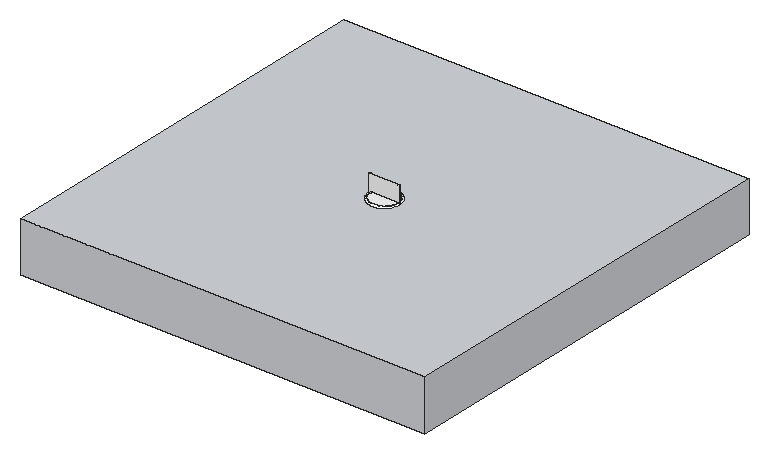
Revit family "URA_Eclairage_de_Securite_Practice_Practice_Evolution", category Luminaires, Revit 2020
Family settings
  Hôte = Face
  Cote de connecteur circulaire = Utiliser le diamètre
  Type d'élément = Normal
  Couper avec des vides une fois chargée = Non
  Source d'éclairage = Oui
  Partagée = Non
  Point de calcul de pièce = Non
Parameters (values of type "PRACTICE DFM (BAES+BAEH) SUPER SATI")
  built-in parameter 1150107 = 3200 (stored number, unit not read)
  TYPE_DE_TENSION = "CA"
  TYPE_DE_MONTAGE = "montage en saillie au plafond"
  TYPE_DE_COMMUTATION = "circuit permanent/circuit de secours"
  TENSION_NOMINALE_(MIN) = "207"
  TENSION_NOMINALE_(MAX) = "253"
  SOURCE_LUMINEUSE = "LED non interchangeable"
  RESERVE_DE_MARCHE = "1"
  REF_BATTERIE_DE_RECHANGE = "2*111906"
  REFERENCE_PICTOGRAMME [instance] = if(NOMBRE_PICTOGRAMME = 1, if(PICTO EVO AVEC ESPACE D’ATTENTE SECURISE ET FLECHE HORIZONTALE, 168157, if(PICTO EVO POUR BAES ET LSC, 168180, if(PICTO EVO AVEC FLECHE VERS LE BAS, 168152, if(PICTO EVO EXTINCTEUR, 168173, if(PICTO EVO AVEC LOCALISATION TOILETTES, 168171, if(PICTO EVO AVEC SORTIE PMR ET FLECHE VERS LE BAS, 168156, 168150)))))), 0)  # 168150
  REFERENCE_ENJOLIVEUR [instance] = if(NOMBRE_ENJOLIVEUR = 1, if(ENJOLIVEUR PRACTICE BLANC PP, 168130, if(ENJOLIVEUR PRACTICE EVOLUTION, 168131, if(ENJOLIVEUR PRACTICE ARGENT, 168132, if(ENJOLIVEUR PRACTICE ARGENT PP, 168133, if(ENJOLIVEUR PRACTICE ACIER PP, 168134, if(ENJOLIVEUR PRACTICE ANTHRA PP, 168136, if(ENJOLIVEUR PRACTICE ANTHRACITE, 168137, 168142))))))), 0)  # 168130
  REFERENCE_ARTICLE = 119148
  Wattage = 9.2903 W
  built-in parameter 1150110 = 1 (stored number, unit not read)
  built-in parameter 1150109 = 1 (stored number, unit not read)
  built-in parameter 1114218 = 1 (stored number, unit not read)
  built-in parameter 1150113 = 1 (stored number, unit not read)
  built-in parameter 1150112 = 1 (stored number, unit not read)
  PUISSANCE_DE_LA_LAMPE = "4.5"
  PROFONDEUR_D'ENCASTREMENT = ""
  PICTO EVO AVEC FLECHE HORIZONTALE [instance] = yes
  PICTO EVO AVEC SORTIE PMR ET FLECHE VERS LE BAS [instance] = no
  PICTO EVO AVEC LOCALISATION TOILETTES [instance] = no
  PICTO EVO EXTINCTEUR [instance] = no
  PICTO EVO AVEC FLECHE VERS LE BAS [instance] = no
  PICTO EVO POUR BAES ET LSC [instance] = no
  PICTO EVO AVEC ESPACE D’ATTENTE SECURISE ET FLECHE HORIZONTALE [instance] = no
  NOMBRE_PICTOGRAMME [instance] = if(PICTO EVO AVEC ESPACE D’ATTENTE SECURISE ET FLECHE HORIZONTALE, 1, 0) + if(PICTO EVO POUR BAES ET LSC, 1, 0) + if(PICTO EVO AVEC FLECHE VERS LE BAS, 1, 0) + if(PICTO EVO EXTINCTEUR, 1, 0) + if(PICTO EVO AVEC LOCALISATION TOILETTES, 1, 0) + if(PICTO EVO AVEC SORTIE PMR ET FLECHE VERS LE BAS, 1, 0) + if(PICTO EVO AVEC FLECHE HORIZONTALE, 1, 0)  # 1
  NOMBRE_ENJOLIVEUR [instance] = if(ENJOLIVEUR PRACTICE BLANC PP, 1, 0) + if(ENJOLIVEUR PRACTICE EVOLUTION, 1, 0) + if(ENJOLIVEUR PRACTICE ARGENT PP, 1, 0) + if(ENJOLIVEUR PRACTICE ARGENT, 1, 0) + if(ENJOLIVEUR PRACTICE ACIER PP, 1, 0) + if(ENJOLIVEUR PRACTICE ANTHRA PP, 1, 0) + if(ENJOLIVEUR PRACTICE ANTHRACITE, 1, 0) + if(ENJOLIVEUR PRACTICE CUIVRE PP, 1, 0)  # 1
  built-in parameter 1150137 = (empty or 0)
  built-in parameter 1150132 = (empty or 0)
  MATERIAU_DU_COUVERCLE = "verre transparent"
  MATERIAU_DU_BOITIER = "plastique"
  LONGUEUR_D'ENCASTREMENT = ""
  LONGUEUR = "240"
  LARGEUR_DE_MONTAGE = ""
  LARGEUR = ""
  built-in parameter 1150105 = 109.82 (stored number, unit not read)
  built-in parameter 1150102 = (empty or 0)
  INSTALLATION_DE_SURVEILLANCE = "auto-test automatique"
  HAUTEUR/PROFONDEUR = "202"
  Dimming Lamp Color Temperature Shift = (empty or 0)
  Lumens = 1380 lm
  Color Filter = 16777215
  Fichier de distribution photométrique = "generic"
  built-in parameter 1114217 = 1 (stored number, unit not read)
  built-in parameter 1150139 = (empty or 0)
  FORMAT_PRODUIT = "rectangle"
  FONCTION = "BAES+BAEH"
  FLUX_LUMINEUX_EN_MODE_D'URGENCE = "45"
  FLUX_LUMINEUX_EFFICACE = ""
  Emit from Line Length = 609.6 mm
  Default Elevation = 1219.2 mm
  built-in parameter 1150104 = 13.8 (stored number, unit not read)
  built-in parameter 1150106 = 1.0982 (stored number, unit not read)
  ETAT_DES_ACCUS = "NiCd"
  ENJOLIVEUR PRACTICE EVOLUTION [instance] = no
  ENJOLIVEUR PRACTICE CUIVRE PP [instance] = no
  ENJOLIVEUR PRACTICE BLANC PP [instance] = yes
  ENJOLIVEUR PRACTICE ARGENT [instance] = no
  ENJOLIVEUR PRACTICE ANTHRACITE [instance] = no
  ENJOLIVEUR PRACTICE ANTHRA PP [instance] = no
  ENJOLIVEUR PRACTICE ARGENT PP [instance] = no
  ENJOLIVEUR PRACTICE ACIER PP [instance] = no
  built-in parameter 1150115 = 1 (stored number, unit not read)
  built-in parameter 1150114 = 1 (stored number, unit not read)
  DUREE_DE_GARANTIE_BAES_COMPLET = "4"
  DISTANCE_DE_RECONNAISSANCE = ""
  DIAMETRE_EXTERNE = "187"
  DIAMETRE_D'ENCASTREMENT = ""
  DESIGNATION_PICTOGRAMME [instance] = if(NOMBRE_PICTOGRAMME = 1, if(PICTO EVO AVEC ESPACE D’ATTENTE SECURISE ET FLECHE HORIZONTALE, "PICTO EVO AVEC ESPACE D’ATTENTE SECURISE ET FLECHE HORIZONTALE", if(PICTO EVO POUR BAES ET LSC, "PICTO EVO POUR BAES ET LSC", if(PICTO EVO AVEC FLECHE VERS LE BAS, "PICTO EVO AVEC FLECHE VERS LE BAS", if(PICTO EVO EXTINCTEUR, "PICTO EVO EXTINCTEUR", if(PICTO EVO AVEC LOCALISATION TOILETTES, "PICTO EVO AVEC LOCALISATION TOILETTES", if(PICTO EVO AVEC SORTIE PMR ET FLECHE VERS LE BAS, "PICTO EVO AVEC SORTIE PMR ET FLECHE VERS LE BAS", "PICTO EVO AVEC FLECHE HORIZONTALE")))))), "0")  # "PICTO EVO AVEC FLECHE HORIZONTALE"
  DESIGNATION_ENJOLIVEUR [instance] = if(NOMBRE_ENJOLIVEUR = 1, if(ENJOLIVEUR PRACTICE BLANC PP, "ENJOLIVEUR PRACTICE BLANC PP", if(ENJOLIVEUR PRACTICE EVOLUTION, "ENJOLIVEUR PRACTICE EVOLUTION", if(ENJOLIVEUR PRACTICE ARGENT PP, "ENJOLIVEUR PRACTICE ARGENT PP", if(ENJOLIVEUR PRACTICE ARGENT, "ENJOLIVEUR PRACTICE ARGENT", if(ENJOLIVEUR PRACTICE ACIER PP, "ENJOLIVEUR PRACTICE ACIER PP", if(ENJOLIVEUR PRACTICE ANTHRA PP, "ENJOLIVEUR PRACTICE ANTHRA PP", if(ENJOLIVEUR PRACTICE ANTHRACITE, "ENJOLIVEUR PRACTICE ANTHRACITE", "ENJOLIVEUR PRACTICE CUIVRE PP"))))))), "0")  # "ENJOLIVEUR PRACTICE BLANC PP"
  DESIGNATION_ARTICLE = "PRACTICE DFM (BAES+BAEH) SUPER SATI"
  built-in parameter 1150138 = (empty or 0)
  built-in parameter 1150134 = 3
  Condition Générale d'Utilisation = "https://export.legrand.com/CGU-objets-BIM"
  COULEUR_DU_BOITIER = "blanc"
  CLASSE_DE_PROTECTION_(IP) = "IP40"
  CLASSE_DE_PROTECTION = "II"
  CATEGORIE_PRODUIT = "Autonome"
  built-in parameter 1150142 = (empty or 0)
  Angle de l'inclinaison = 60.00°
  ALIMENTATION = "central (batterie centrale)"
  ADAPTE_AU_TYPE_DE_MARQUAGE = "autocollant"
  built-in parameter 1150133 = 10 (stored number, unit not read)
Reference planes
  plane 1 "Centre (avant/arrière)": y = 0
  plane 2: z = 0
  plane 3 "Centre (gauche/droite)": x = 0
Forms (mm)
  Extrusion 1, solid
    sketch origin (0, 0, 0) x (1, 0, 0) y (0, 1, 0)
      loop
        line (-1219.2, 1219.2) -> (-1219.2, -1219.2) -> (1219.2, -1219.2) -> (1219.2, 1219.2) -> (-1219.2, 1219.2)
    from 0 to -304.8
  Extrusion 2, solid, material "Blanc"
    sketch origin (0, 0, 0) x (1, 0, 0) y (0, 1, 0)
      loop
        circle (0, 0) r 83.5
    from 5 to -70
Dimensions and locks
  aligned and locked: plane 2 to Extrusion 1
  aligned and locked: level to Extrusion 1
  aligned and locked: plane 3 "Centre (gauche/droite)" to Extrusion 2 sketch curve
  aligned and locked: plane 1 "Centre (avant/arrière)" to Extrusion 2 sketch curve
  aligned and locked: plane 3 "Centre (gauche/droite)" to nested 9
  aligned and locked: plane 1 "Centre (avant/arrière)" to nested 9
Nested families
  nested 1: "URA_ENJOLIVEUR" at (0, 0, 0), type "URA_ENJOLIVEUR"
  nested 2: "URA_PICTOGRAMME" at (0, 0, 0), type "URA_PICTOGRAMME"
  nested 3: "168152_E FB" at (0, 0, 0), visible <- "PICTO EVO AVEC FLECHE VERS LE BAS", type "168152_E FB"
  nested 4: "168156_PMR FB" at (0, 0, 0), visible <- "PICTO EVO AVEC SORTIE PMR ET FLECHE VERS LE BAS", type "168156_PMR FB"
  nested 5: "168157_AS FHo" at (0, 0, 0), visible <- "PICTO EVO AVEC ESPACE D’ATTENTE SECURISE ET FLECHE HORIZONTALE", type "168157_AS FHo"
  nested 6: "168171_Toilettes" at (0, 0, 0), visible <- "PICTO EVO AVEC LOCALISATION TOILETTES", type "168171_Toilettes"
  nested 7: "168173_Extincteur" at (0, 0, 0), visible <- "PICTO EVO EXTINCTEUR", type "168173_Extincteur"
  nested 8: "1681808_Porte Pictogramme" at (0, 0, 0), visible <- "PICTO EVO POUR BAES ET LSC", type "1681808_Porte Pictogramme"
  nested 9: "168150_E FHo" at (0, 0, 0), visible <- "PICTO EVO AVEC FLECHE HORIZONTALE", type "168150_E FHo"
Connectors
  electrical at (0, 0, 5)
    settings: on Extrusion 2, index 1, voltage 0 V, apparent load 0 VA, apparent load phase1 0 VA, apparent load phase2 0 VA, apparent load phase3 0 VA, power factor 1, load classification "Autre", number of poles 1, system type 31, power factor state 1, is connector primary yes, connector utility no, sub classification motor no, connector description ""
Definition of nested family "URA_ENJOLIVEUR"
  Parameters (values of type "URA_ENJOLIVEUR")
    Rayon_Enjoliveur = 93.5 mm
    Default Elevation = 1219.2 mm
  Reference planes
    plane 1 "Centre (avant/arrière)": y = 0
    plane 2: z = 0
    plane 3 "Centre (gauche/droite)": x = 0
    plane 4: x = -83.5
    plane 5: x = -93.5
    plane 6: z = 5
  Forms (mm)
    Extrusion 1, solid
      sketch origin (0, 0, 0) x (1, 0, 0) y (0, 1, 0)
        loop
          line (-1219.2, 1219.2) -> (-1219.2, -1219.2) -> (1219.2, -1219.2) -> (1219.2, 1219.2) -> (-1219.2, 1219.2)
      from 0 to -304.8
    Sweep 2, solid
      path origin (0, 0, 0) x (1, 0, 0) y (0, 1, 0)
        loop
          circle (0, 0) r 83.5
      profile origin (0, 83.5, 0) x (0, -1, 0) y (0, 0, 1)
        loop
          line (0, 0) -> (0, 5)
          arc (0, 5) -> (-5.542, 3.584) -> (-10, 0) r 13.5
          line (-10, 0) -> (0, 0)
  Dimensions and locks
    aligned and locked: plane 2 to Extrusion 1
    aligned and locked: level to Extrusion 1
Definition of nested family "URA_PICTOGRAMME"
  Parameters (values of type "URA_PICTOGRAMME")
    Largeur_Pictogramme = 188 mm
    Hauteur_Pictogramme = 107 mm
    Default Elevation = 1219.2 mm
  Reference planes
    plane 1 "Centre (avant/arrière)": y = 0
    plane 2: z = 0
    plane 3 "Centre (gauche/droite)": x = 0
    plane 4: x = 94
    plane 5: x = -94
    plane 6: z = 10
    plane 7: z = 107
    plane 8: x = 74
    plane 9: x = -74
  Forms (mm)
    Extrusion 1, solid
      sketch origin (0, 0, 0) x (1, 0, 0) y (0, 1, 0)
        loop
          line (-1219.2, 1219.2) -> (-1219.2, -1219.2) -> (1219.2, -1219.2) -> (1219.2, 1219.2) -> (-1219.2, 1219.2)
      from 0 to -304.8
    Extrusion 2, solid
      sketch origin (0, 0, 0) x (1, 0, 0) y (0, 0, 1)
        loop
          line (94, 107) -> (-94, 107) -> (-94, 0) -> (-74, 0) -> (-74, 10) -> (74, 10) -> (74, 0) -> (94, 0) -> (94, 107)
      from -1 to 1
  Dimensions and locks
    aligned and locked: plane 2 to Extrusion 1
    aligned and locked: level to Extrusion 1
Definition of nested family "168152_E FB"
  Reference planes
    plane 1 "Centre (avant/arrière)": y = 0
    plane 2: z = 0
    plane 3 "Centre (gauche/droite)": x = 0
  Lines and regions (mm)
    Filled region 1, type "Vert", in view "Niveau de réf."
      outline origin (0, 0, 0) x (1, 0, 0) y (0, 1, 0)
        loop
          line (103, 52.5) -> (-103, 52.5) -> (-103, -52.5) -> (103, -52.5) -> (103, 52.5)
        loop
          line (-55.764, -17.192) -> (-54.258, -2.924)
          arc (-54.258, -2.924) -> (-53.67, -0.127) -> (-52.526, 2.492) r 14.01
          line (-52.526, 2.492) -> (-46.619, 13.858) -> (-54.969, 13.858) -> (-61.32, 4.268)
          arc (-61.32, 4.268) -> (-63.003, 3.286) -> (-64.91, 3.681) r 2.72
          arc (-64.91, 3.681) -> (-66.064, 5.25) -> (-65.874, 7.188) r 2.72
          line (-65.874, 7.188) -> (-58.609, 18.22)
          arc (-58.609, 18.22) -> (-56.855, 19.498) -> (-54.744, 19.996) r 5.487
          line (-54.744, 19.996) -> (-39.865, 19.996)
          arc (-39.865, 19.996) -> (-34.742, 18.943) -> (-30.449, 15.956) r 12.993
          line (-30.449, 15.956) -> (-23.876, 6.544) -> (-18.037, 6.544) -> (-18.037, 39.828) -> (-69.649, 39.828) -> (-69.649, -17.729) -> (-56.361, -17.729)
          arc (-56.361, -17.729) -> (-55.959, -17.575) -> (-55.764, -17.192) r 0.6
        loop
          line (-33.545, 9.289) -> (-38.719, -1.401)
          arc (-38.719, -1.401) -> (-39.127, -3.31) -> (-38.608, -5.191) r 4.103
          line (-38.608, -5.191) -> (-25.689, -36.865) -> (-25.689, -42.797) -> (-18.037, -42.797) -> (-18.037, 0.323) -> (-24.378, 0.323)
          arc (-24.378, 0.323) -> (-25.524, 0.582) -> (-26.448, 1.308) r 2.667
          line (-26.448, 1.308) -> (-32.608, 9.289)
          arc (-32.608, 9.289) -> (-33.076, 9.519) -> (-33.545, 9.289) r 0.591
        loop
          line (-46.988, -8.295) -> (-49.44, -22.395)
          arc (-49.44, -22.395) -> (-50.455, -23.804) -> (-52.106, -24.343) r 2.799
          line (-52.106, -24.343) -> (-69.649, -24.343) -> (-69.649, -42.797) -> (-32.438, -42.797) -> (-32.438, -36.837) -> (-45.784, -8.295)
          arc (-45.784, -8.295) -> (-45.993, -7.932) -> (-46.386, -7.789) r 0.611
          arc (-46.386, -7.789) -> (-46.78, -7.932) -> (-46.988, -8.295) r 0.611
        loop
          arc (-33.79, 21.259) -> (-29.968, 22.843) -> (-28.385, 26.665) r 5.406
          arc (-28.385, 26.665) -> (-29.968, 30.487) -> (-33.79, 32.071) r 5.406
          arc (-33.79, 32.071) -> (-37.613, 30.487) -> (-39.196, 26.665) r 5.406
          arc (-39.196, 26.665) -> (-37.613, 22.843) -> (-33.79, 21.259) r 5.406
        loop
          line (80.026, -13.514) -> (80.026, 13.514) -> (59.755, -4.113) -> (59.755, 40.542) -> (38.132, 40.542) -> (38.132, -4.113) -> (17.861, 13.514) -> (17.861, -13.514) -> (48.944, -40.542) -> (80.026, -13.514)
    model lines, in view "Niveau de réf."
      curve 1: arc (-33.79, 32.071, 0) -> (-29.968, 30.487, 0) -> (-28.385, 26.665, 0) r 5.406
      curve 2: arc (-28.385, 26.665, 0) -> (-29.968, 22.843, 0) -> (-33.79, 21.259, 0) r 5.406
      curve 3: arc (-33.79, 21.259, 0) -> (-37.613, 22.843, 0) -> (-39.196, 26.665, 0) r 5.406
      curve 4: arc (-39.196, 26.665, 0) -> (-37.613, 30.487, 0) -> (-33.79, 32.071, 0) r 5.406
      curve 5: arc (-52.526, 2.492, 0) -> (-53.67, -0.127, 0) -> (-54.258, -2.924, 0) r 14.01
      curve 6: arc (-64.91, 3.681, 0) -> (-63.003, 3.286, 0) -> (-61.32, 4.268, 0) r 2.72
      curve 7: arc (-65.874, 7.188, 0) -> (-66.064, 5.25, 0) -> (-64.91, 3.681, 0) r 2.72
      curve 8: arc (-54.744, 19.996, 0) -> (-56.855, 19.498, 0) -> (-58.609, 18.22, 0) r 5.487
      curve 9: arc (-30.449, 15.956, 0) -> (-34.742, 18.943, 0) -> (-39.865, 19.996, 0) r 12.993
      curve 10: arc (-26.448, 1.308, 0) -> (-25.524, 0.582, 0) -> (-24.378, 0.323, 0) r 2.667
      curve 11: arc (-32.608, 9.289, 0) -> (-32.816, 9.458, 0) -> (-33.076, 9.519, 0) r 0.591
      curve 12: arc (-33.076, 9.519, 0) -> (-33.337, 9.458, 0) -> (-33.545, 9.289, 0) r 0.591
      curve 13: arc (-38.719, -1.401, 0) -> (-39.127, -3.31, 0) -> (-38.608, -5.191, 0) r 4.103
      curve 14: arc (-45.784, -8.295, 0) -> (-45.993, -7.932, 0) -> (-46.386, -7.789, 0) r 0.611
      curve 15: arc (-46.386, -7.789, 0) -> (-46.78, -7.932, 0) -> (-46.988, -8.295, 0) r 0.611
      curve 16: arc (-52.106, -24.343, 0) -> (-50.455, -23.804, 0) -> (-49.44, -22.395, 0) r 2.799
      curve 17: line (-55.764, -17.192, 0) -> (-54.258, -2.924, 0)
      curve 18: line (-52.526, 2.492, 0) -> (-46.619, 13.858, 0)
      curve 19: line (-46.619, 13.858, 0) -> (-54.969, 13.858, 0)
      curve 20: line (-54.969, 13.858, 0) -> (-61.32, 4.268, 0)
      curve 21: line (-65.874, 7.188, 0) -> (-58.609, 18.22, 0)
      curve 22: line (-54.744, 19.996, 0) -> (-39.865, 19.996, 0)
      curve 23: line (-30.449, 15.956, 0) -> (-23.876, 6.544, 0)
      curve 24: line (-23.876, 6.544, 0) -> (-18.037, 6.544, 0)
      curve 25: line (-18.037, 6.544, 0) -> (-18.037, 39.828, 0)
      curve 26: line (-18.037, 39.828, 0) -> (-69.649, 39.828, 0)
      curve 27: line (-52.106, -24.343, 0) -> (-69.649, -24.343, 0)
      curve 28: line (-69.649, -24.343, 0) -> (-69.649, -42.797, 0)
      curve 29: line (-69.649, -42.797, 0) -> (-32.438, -42.797, 0)
      curve 30: line (-18.037, -42.797, 0) -> (-18.037, 0.323, 0)
      curve 31: line (-18.037, 0.323, 0) -> (-24.378, 0.323, 0)
      curve 32: line (-26.448, 1.308, 0) -> (-32.608, 9.289, 0)
      curve 33: line (-33.545, 9.289, 0) -> (-38.719, -1.401, 0)
      curve 34: line (-38.608, -5.191, 0) -> (-25.689, -36.865, 0)
      curve 35: line (-32.438, -36.837, 0) -> (-45.784, -8.295, 0)
      curve 36: line (-46.988, -8.295, 0) -> (-49.44, -22.395, 0)
      curve 37: line (-69.649, -17.729, 0) -> (-56.361, -17.729, 0)
      curve 38: line (48.944, -40.542, 0) -> (80.026, -13.514, 0)
      curve 39: line (80.026, -13.514, 0) -> (80.026, 13.514, 0)
      curve 40: line (80.026, 13.514, 0) -> (59.755, -4.113, 0)
      curve 41: line (59.755, -4.113, 0) -> (59.755, 40.542, 0)
      curve 42: line (59.755, 40.542, 0) -> (38.132, 40.542, 0)
      curve 43: line (38.132, 40.542, 0) -> (38.132, -4.113, 0)
      curve 44: line (38.132, -4.113, 0) -> (17.861, 13.514, 0)
      curve 45: line (17.861, 13.514, 0) -> (17.861, -13.514, 0)
      curve 46: line (17.861, -13.514, 0) -> (48.944, -40.542, 0)
      curve 47: line (103, -52.5, 0) -> (103, 52.5, 0)
      curve 48: line (103, 52.5, 0) -> (-103, 52.5, 0)
      curve 49: line (-103, 52.5, 0) -> (-103, -52.5, 0)
      curve 50: line (-103, -52.5, 0) -> (103, -52.5, 0)
      curve 51: line (-69.649, -17.729, 0) -> (-69.649, 39.828, 0)
      curve 52: line (-32.438, -36.837, 0) -> (-32.438, -42.797, 0)
      curve 53: line (-25.689, -36.865, 0) -> (-25.689, -42.797, 0)
      curve 54: line (-25.689, -42.797, 0) -> (-18.037, -42.797, 0)
    detail lines, in view "Niveau de réf."
      curve 55: arc (-56.361, -17.729, 0) -> (-55.959, -17.575, 0) -> (-55.764, -17.192, 0) r 0.6
Definition of nested family "168156_PMR FB"
  Reference planes
    plane 1 "Centre (avant/arrière)": y = 0
    plane 2: z = 0
    plane 3 "Centre (gauche/droite)": x = 0
  Lines and regions (mm)
    Filled region 1, type "Vert", in view "Niveau de réf."
      outline origin (0, 0, 0) x (1, 0, 0) y (0, 1, 0)
        loop
          line (103, 52.5) -> (-103, 52.5) -> (-103, -52.5) -> (103, -52.5) -> (103, 52.5)
        loop
          line (-13.037, 44.828) -> (-74.649, 44.828) -> (-74.649, -47.797) -> (-13.037, -47.797) -> (-13.037, 44.828)
        loop
          arc (-55.353, 16.558) -> (-49.007, 28.442) -> (-61.078, 22.46) r 7.073
          line (-61.078, 22.46) -> (-54.879, -4.049) -> (-36.963, -4.049) -> (-25.928, -21.979) -> (-17.14, -17.561) -> (-18.854, -14.11) -> (-23.813, -16.561) -> (-33.622, -0.372) -> (-51.248, -0.372) -> (-51.926, 2.724) -> (-37.694, 2.724) -> (-37.694, 6.561) -> (-53.02, 6.594) -> (-55.353, 16.558)
        loop
          arc (-59.255, 5.4) -> (-61.481, -26.706) -> (-30.449, -18.173) r 19.724
          line (-30.449, -18.173) -> (-33.986, -12.788)
          arc (-33.986, -12.788) -> (-56.2, -24.737) -> (-58.27, 0.402) r 15.075
          line (-58.27, 0.402) -> (-59.255, 5.4)
        loop
          line (59.755, -4.113) -> (59.755, 40.542) -> (38.132, 40.542) -> (38.132, -4.113) -> (17.861, 13.514) -> (17.861, -13.514) -> (48.944, -40.542) -> (80.026, -13.514) -> (80.026, 13.514) -> (59.755, -4.113)
    model lines, in view "Niveau de réf."
      curve 1: line (-74.649, -47.797, 0) -> (-13.037, -47.797, 0)
      curve 2: line (-13.037, -47.797, 0) -> (-13.037, 44.828, 0)
      curve 3: line (-13.037, 44.828, 0) -> (-74.649, 44.828, 0)
      curve 4: line (48.944, -40.542, 0) -> (80.026, -13.514, 0)
      curve 5: line (80.026, -13.514, 0) -> (80.026, 13.514, 0)
      curve 6: line (80.026, 13.514, 0) -> (59.755, -4.113, 0)
      curve 7: line (59.755, -4.113, 0) -> (59.755, 40.542, 0)
      curve 8: line (59.755, 40.542, 0) -> (38.132, 40.542, 0)
      curve 9: line (38.132, 40.542, 0) -> (38.132, -4.113, 0)
      curve 10: line (38.132, -4.113, 0) -> (17.861, 13.514, 0)
      curve 11: line (17.861, 13.514, 0) -> (17.861, -13.514, 0)
      curve 12: line (17.861, -13.514, 0) -> (48.944, -40.542, 0)
      curve 13: arc (-59.255, 5.4, 0) -> (-61.481, -26.706, 0) -> (-30.449, -18.173, 0) r 19.724
      curve 14: arc (-58.27, 0.402, 0) -> (-56.2, -24.737, 0) -> (-33.986, -12.788, 0) r 15.075
      curve 15: arc (-55.353, 16.558, 0) -> (-49.007, 28.442, 0) -> (-61.078, 22.46, 0) r 7.073
      curve 16: line (103, -52.5, 0) -> (103, 52.5, 0)
      curve 17: line (103, 52.5, 0) -> (-103, 52.5, 0)
      curve 18: line (-103, 52.5, 0) -> (-103, -52.5, 0)
      curve 19: line (-103, -52.5, 0) -> (103, -52.5, 0)
      curve 20: line (-74.649, -47.797, 0) -> (-74.649, 44.828, 0)
      curve 21: line (-55.353, 16.558, 0) -> (-53.02, 6.594, 0)
      curve 22: line (-53.02, 6.594, 0) -> (-37.694, 6.561, 0)
      curve 23: line (-37.694, 6.561, 0) -> (-37.694, 2.724, 0)
      curve 24: line (-37.694, 2.724, 0) -> (-51.926, 2.724, 0)
      curve 25: line (-51.926, 2.724, 0) -> (-51.248, -0.372, 0)
      curve 26: line (-51.248, -0.372, 0) -> (-33.622, -0.372, 0)
      curve 27: line (-33.622, -0.372, 0) -> (-23.813, -16.561, 0)
      curve 28: line (-59.255, 5.4, 0) -> (-58.27, 0.402, 0)
      curve 29: line (-61.078, 22.46, 0) -> (-54.879, -4.049, 0)
      curve 30: line (-54.879, -4.049, 0) -> (-36.963, -4.049, 0)
      curve 31: line (-36.963, -4.049, 0) -> (-25.928, -21.979, 0)
      curve 32: line (-25.928, -21.979, 0) -> (-17.14, -17.561, 0)
      curve 33: line (-17.14, -17.561, 0) -> (-18.854, -14.11, 0)
      curve 34: line (-18.854, -14.11, 0) -> (-23.813, -16.561, 0)
      curve 35: line (-33.986, -12.788, 0) -> (-30.449, -18.173, 0)
Definition of nested family "168157_AS FHo"
  Reference planes
    plane 1 "Centre (avant/arrière)": y = 0
    plane 2: z = 0
    plane 3 "Centre (gauche/droite)": x = 0
  Lines and regions (mm)
    Filled region 1, type "Vert", in view "Niveau de réf."
      outline origin (0, 0, 0) x (1, 0, 0) y (0, 1, 0)
        loop
          line (103, 52.5) -> (-103, 52.5) -> (-103, -52.5) -> (103, -52.5) -> (103, 52.5)
        loop
          arc (-97.371, 3.205) -> (-88.51, 12.953) -> (-88.387, 26.125) r 18.489
          arc (-88.387, 26.125) -> (-88.597, 26.496) -> (-88.998, 26.643) r 0.619
          arc (-88.998, 26.643) -> (-89.398, 26.496) -> (-89.609, 26.125) r 0.619
          arc (-89.609, 26.125) -> (-91.525, 17.752) -> (-98.242, 12.399) r 13.008
          line (-98.242, 12.399) -> (-98.242, 3.741)
          arc (-98.242, 3.741) -> (-97.956, 3.229) -> (-97.371, 3.205) r 0.6
        loop
          line (-97.924, -2.309) -> (-92.399, -2.309)
          arc (-92.399, -2.309) -> (-82.903, 3.214) -> (-77.349, 12.691) r 21.613
          arc (-77.349, 12.691) -> (-74.683, 16.925) -> (-70.5, 19.668) r 11.767
          arc (-70.5, 19.668) -> (-70.107, 19.839) -> (-69.945, 20.235) r 0.567
          arc (-69.945, 20.235) -> (-70.107, 20.632) -> (-70.5, 20.802) r 0.567
          line (-70.5, 20.802) -> (-75.473, 20.802)
          arc (-75.473, 20.802) -> (-83.631, 15.783) -> (-88.211, 7.371) r 18.608
          arc (-88.211, 7.371) -> (-92.643, 2.453) -> (-98.185, -1.169) r 25.676
          arc (-98.185, -1.169) -> (-98.509, -1.843) -> (-97.924, -2.309) r 0.6
        loop
          line (-98.245, -14.919) -> (-95.488, -14.919) -> (-91.172, -14.008) -> (-87.112, -12.283) -> (-83.459, -9.809) -> (-80.351, -6.679) -> (-77.903, -3.009) -> (-76.207, 1.063) -> (-75.325, 5.386) -> (-75.292, 9.797)
          arc (-75.292, 9.797) -> (-75.744, 10.24) -> (-76.292, 9.925) r 0.524
          line (-76.292, 9.925) -> (-77.7, 6.602) -> (-79.593, 3.529) -> (-81.927, 0.776) -> (-84.65, -1.594) -> (-87.698, -3.526) -> (-91.003, -4.977) -> (-94.489, -5.913) -> (-98.061, -6.311)
          arc (-98.061, -6.311) -> (-98.615, -6.541) -> (-98.845, -7.095) r 0.784
          line (-98.845, -7.095) -> (-98.845, -14.319)
          arc (-98.845, -14.319) -> (-98.669, -14.744) -> (-98.245, -14.919) r 0.6
        loop
          arc (-96.85, -21.875) -> (-84.114, -20.73) -> (-74.072, -12.812) r 22.436
          arc (-74.072, -12.812) -> (-73.07, -12.149) -> (-71.89, -11.925) r 3.043
          line (-71.89, -11.925) -> (-68.713, -11.925)
          arc (-68.713, -11.925) -> (-68.41, -11.507) -> (-68.713, -11.089) r 0.44
          arc (-68.713, -11.089) -> (-70.207, -10.592) -> (-71.622, -9.901) r 11.83
          arc (-71.622, -9.901) -> (-72.03, -9.74) -> (-72.465, -9.682) r 1.794
          line (-72.465, -9.682) -> (-77.479, -9.682)
          arc (-77.479, -9.682) -> (-83.128, -11.858) -> (-87.832, -15.668) r 19.415
          arc (-87.832, -15.668) -> (-92.078, -18.706) -> (-96.897, -20.71) r 23.059
          arc (-96.897, -20.71) -> (-97.331, -21.311) -> (-96.85, -21.875) r 0.6
        loop
          line (-97.728, -33.456) -> (-93.913, -33.456)
          arc (-93.913, -33.456) -> (-82.65, -28.676) -> (-75.344, -18.862) r 23.383
          arc (-75.344, -18.862) -> (-75.818, -18.792) -> (-76.25, -18.999) r 0.819
          arc (-76.25, -18.999) -> (-81.857, -23.382) -> (-88.489, -25.964) r 24.448
          line (-88.489, -25.964) -> (-95.211, -26.006)
          arc (-95.211, -26.006) -> (-95.898, -25.911) -> (-96.53, -25.624) r 2.411
          arc (-96.53, -25.624) -> (-97.429, -25.36) -> (-98.328, -25.624) r 1.663
          line (-98.328, -25.624) -> (-98.328, -32.856)
          arc (-98.328, -32.856) -> (-98.152, -33.281) -> (-97.728, -33.456) r 0.6
        loop
          line (-57.869, -42.797) -> (-57.869, 39.828) -> (-60.869, 39.828) -> (-60.869, -42.797) -> (-57.869, -42.797)
        loop
          line (-38.466, 0.402) -> (-39.45, 5.4)
          arc (-39.45, 5.4) -> (-41.676, -26.706) -> (-10.644, -18.173) r 19.724
          line (-10.644, -18.173) -> (-14.181, -12.788)
          arc (-14.181, -12.788) -> (-36.395, -24.737) -> (-38.466, 0.402) r 15.075
        loop
          line (-35.075, -4.049) -> (-17.158, -4.049) -> (-6.123, -21.979) -> (2.665, -17.561) -> (0.951, -14.11) -> (-4.008, -16.561) -> (-13.817, -0.372) -> (-31.444, -0.372) -> (-32.121, 2.724) -> (-17.889, 2.724) -> (-17.889, 6.561) -> (-33.215, 6.594) -> (-35.549, 16.558)
          arc (-35.549, 16.558) -> (-29.202, 28.442) -> (-41.273, 22.46) r 7.073
          line (-41.273, 22.46) -> (-35.075, -4.049)
        loop
          line (53.057, 10.811) -> (8.402, 10.811) -> (8.402, -10.811) -> (53.057, -10.811) -> (35.43, -31.082) -> (62.458, -31.082) -> (89.486, 0) -> (62.458, 31.082) -> (35.43, 31.082) -> (53.057, 10.811)
    model lines, in view "Niveau de réf."
      curve 1: line (-75.292, 9.797, 0) -> (-75.35, 9.951, 0)
      curve 2: line (-75.35, 9.951, 0) -> (-75.452, 10.081, 0)
      curve 3: line (-75.452, 10.081, 0) -> (-75.588, 10.173, 0)
      curve 4: line (-75.588, 10.173, 0) -> (-75.746, 10.219, 0)
      curve 5: line (-75.746, 10.219, 0) -> (-75.911, 10.214, 0)
      curve 6: line (-75.911, 10.214, 0) -> (-76.067, 10.16, 0)
      curve 7: line (-76.067, 10.16, 0) -> (-76.198, 10.06, 0)
      curve 8: line (-76.198, 10.06, 0) -> (-76.292, 9.925, 0)
      curve 9: line (-76.292, 9.925, 0) -> (-77.7, 6.602, 0)
      curve 10: line (-77.7, 6.602, 0) -> (-79.593, 3.529, 0)
      curve 11: line (-79.593, 3.529, 0) -> (-81.927, 0.776, 0)
      curve 12: line (-81.927, 0.776, 0) -> (-84.65, -1.594, 0)
      curve 13: line (-84.65, -1.594, 0) -> (-87.698, -3.526, 0)
      curve 14: line (-87.698, -3.526, 0) -> (-91.003, -4.977, 0)
      curve 15: line (-91.003, -4.977, 0) -> (-94.489, -5.913, 0)
      curve 16: line (-94.489, -5.913, 0) -> (-98.076, -6.313, 0)
      curve 17: line (-98.845, -7.095, 0) -> (-98.845, -14.319, 0)
      curve 18: line (-98.245, -14.919, 0) -> (-95.488, -14.919, 0)
      curve 19: line (-95.488, -14.919, 0) -> (-91.172, -14.008, 0)
      curve 20: line (-91.172, -14.008, 0) -> (-87.112, -12.283, 0)
      curve 21: line (-87.112, -12.283, 0) -> (-83.459, -9.809, 0)
      curve 22: line (-83.459, -9.809, 0) -> (-80.351, -6.679, 0)
      curve 23: line (-80.351, -6.679, 0) -> (-77.903, -3.009, 0)
      curve 24: line (-77.903, -3.009, 0) -> (-76.207, 1.063, 0)
      curve 25: line (-76.207, 1.063, 0) -> (-75.325, 5.386, 0)
      curve 26: line (-75.325, 5.386, 0) -> (-75.292, 9.797, 0)
      curve 27: arc (-74.072, -12.812, 0) -> (-73.07, -12.149, 0) -> (-71.89, -11.925, 0) r 3.043
      curve 28: arc (-68.713, -11.925, 0) -> (-68.41, -11.507, 0) -> (-68.713, -11.089, 0) r 0.44
      curve 29: arc (-68.713, -11.089, 0) -> (-70.207, -10.592, 0) -> (-71.622, -9.901, 0) r 11.83
      curve 30: arc (-71.622, -9.901, 0) -> (-72.03, -9.74, 0) -> (-72.465, -9.682, 0) r 1.794
      curve 31: arc (-77.479, -9.682, 0) -> (-83.128, -11.858, 0) -> (-87.832, -15.668, 0) r 19.415
      curve 32: arc (-87.832, -15.668, 0) -> (-92.078, -18.706, 0) -> (-96.897, -20.71, 0) r 23.059
      curve 33: arc (-96.85, -21.875, 0) -> (-84.114, -20.73, 0) -> (-74.072, -12.812, 0) r 22.436
      curve 34: arc (-77.349, 12.691, 0) -> (-74.683, 16.925, 0) -> (-70.5, 19.668, 0) r 11.767
      curve 35: arc (-70.5, 19.668, 0) -> (-70.107, 19.839, 0) -> (-69.945, 20.235, 0) r 0.567
      curve 36: arc (-69.945, 20.235, 0) -> (-70.107, 20.632, 0) -> (-70.5, 20.802, 0) r 0.567
      curve 37: arc (-75.473, 20.802, 0) -> (-83.631, 15.783, 0) -> (-88.211, 7.371, 0) r 18.608
      curve 38: arc (-88.211, 7.371, 0) -> (-92.643, 2.453, 0) -> (-98.185, -1.169, 0) r 25.676
      curve 39: arc (-92.399, -2.309, 0) -> (-82.903, 3.214, 0) -> (-77.349, 12.691, 0) r 21.613
      curve 40: line (89.486, 0, 0) -> (62.458, 31.082, 0)
      curve 41: line (62.458, 31.082, 0) -> (35.43, 31.082, 0)
      curve 42: line (35.43, 31.082, 0) -> (53.057, 10.811, 0)
      curve 43: line (53.057, 10.811, 0) -> (8.402, 10.811, 0)
      curve 44: line (8.402, 10.811, 0) -> (8.402, -10.811, 0)
      curve 45: line (8.402, -10.811, 0) -> (53.057, -10.811, 0)
      curve 46: line (53.057, -10.811, 0) -> (35.43, -31.082, 0)
      curve 47: line (35.43, -31.082, 0) -> (62.458, -31.082, 0)
      curve 48: line (62.458, -31.082, 0) -> (89.486, 0, 0)
      curve 49: arc (-75.344, -18.862, 0) -> (-75.818, -18.792, 0) -> (-76.25, -18.999, 0) r 0.819
      curve 50: arc (-76.25, -18.999, 0) -> (-81.857, -23.382, 0) -> (-88.489, -25.964, 0) r 24.448
      curve 51: arc (-95.211, -26.006, 0) -> (-95.898, -25.911, 0) -> (-96.53, -25.624, 0) r 2.411
      curve 52: arc (-96.53, -25.624, 0) -> (-97.429, -25.36, 0) -> (-98.328, -25.624, 0) r 1.663
      curve 53: arc (-98.328, -33.164, 0) -> (-98.242, -33.371, 0) -> (-98.036, -33.456, 0) r 0.292
      curve 54: arc (-93.913, -33.456, 0) -> (-82.65, -28.676, 0) -> (-75.344, -18.862, 0) r 23.383
      curve 55: arc (-88.387, 26.125, 0) -> (-88.597, 26.496, 0) -> (-88.998, 26.643, 0) r 0.619
      curve 56: arc (-88.998, 26.643, 0) -> (-89.398, 26.496, 0) -> (-89.609, 26.125, 0) r 0.619
      curve 57: arc (-89.609, 26.125, 0) -> (-91.525, 17.752, 0) -> (-98.242, 12.399, 0) r 13.008
      curve 58: arc (-98.242, 3.542, 0) -> (-97.972, 3.108, 0) -> (-97.464, 3.158, 0) r 0.484
      curve 59: arc (-97.464, 3.158, 0) -> (-88.529, 12.904, 0) -> (-88.387, 26.125, 0) r 18.489
      curve 60: line (-71.89, -11.925, 0) -> (-68.713, -11.925, 0)
      curve 61: line (-72.465, -9.682, 0) -> (-77.479, -9.682, 0)
      curve 62: line (-70.5, 20.802, 0) -> (-75.473, 20.802, 0)
      curve 63: line (-97.924, -2.309, 0) -> (-92.399, -2.309, 0)
      curve 64: line (-88.489, -25.964, 0) -> (-95.211, -26.006, 0)
      curve 65: line (-98.328, -25.624, 0) -> (-98.328, -33.164, 0)
      curve 66: line (-98.036, -33.456, 0) -> (-93.913, -33.456, 0)
      curve 67: line (-98.242, 12.399, 0) -> (-98.242, 3.542, 0)
      curve 68: arc (-39.45, 5.4, 0) -> (-41.676, -26.706, 0) -> (-10.644, -18.173, 0) r 19.724
      curve 69: arc (-38.466, 0.402, 0) -> (-36.395, -24.737, 0) -> (-14.181, -12.788, 0) r 15.075
      curve 70: arc (-35.549, 16.558, 0) -> (-29.202, 28.442, 0) -> (-41.273, 22.46, 0) r 7.073
      curve 71: line (103, -52.5, 0) -> (103, 52.5, 0)
      curve 72: line (103, 52.5, 0) -> (-103, 52.5, 0)
      curve 73: line (-103, 52.5, 0) -> (-103, -52.5, 0)
      curve 74: line (-103, -52.5, 0) -> (103, -52.5, 0)
      curve 75: line (-60.869, -42.797, 0) -> (-57.869, -42.797, 0)
      curve 76: line (-57.869, -42.797, 0) -> (-57.869, 39.828, 0)
      curve 77: line (-57.869, 39.828, 0) -> (-60.869, 39.828, 0)
      curve 78: line (-60.869, 39.828, 0) -> (-60.869, -42.797, 0)
      curve 79: line (-35.549, 16.558, 0) -> (-33.215, 6.594, 0)
      curve 80: line (-33.215, 6.594, 0) -> (-17.889, 6.561, 0)
      curve 81: line (-17.889, 6.561, 0) -> (-17.889, 2.724, 0)
      curve 82: line (-17.889, 2.724, 0) -> (-32.121, 2.724, 0)
      curve 83: line (-32.121, 2.724, 0) -> (-31.444, -0.372, 0)
      curve 84: line (-31.444, -0.372, 0) -> (-13.817, -0.372, 0)
      curve 85: line (-13.817, -0.372, 0) -> (-4.008, -16.561, 0)
      curve 86: line (-39.45, 5.4, 0) -> (-38.466, 0.402, 0)
      curve 87: line (-41.273, 22.46, 0) -> (-35.075, -4.049, 0)
      curve 88: line (-35.075, -4.049, 0) -> (-17.158, -4.049, 0)
      curve 89: line (-17.158, -4.049, 0) -> (-6.123, -21.979, 0)
      curve 90: line (-6.123, -21.979, 0) -> (2.665, -17.561, 0)
      curve 91: line (2.665, -17.561, 0) -> (0.951, -14.11, 0)
      curve 92: line (0.951, -14.11, 0) -> (-4.008, -16.561, 0)
      curve 93: line (-14.181, -12.788, 0) -> (-10.644, -18.173, 0)
    detail lines, in view "Niveau de réf."
      curve 94: arc (-98.845, -14.319, 0) -> (-98.669, -14.744, 0) -> (-98.245, -14.919, 0) r 0.6
      curve 95: arc (-98.076, -6.313, 0) -> (-98.62, -6.538, 0) -> (-98.845, -7.082, 0) r 0.769
      curve 96: arc (-98.185, -1.169, 0) -> (-98.509, -1.843, 0) -> (-97.924, -2.309, 0) r 0.6
      curve 97: arc (-96.897, -20.71, 0) -> (-97.331, -21.311, 0) -> (-96.85, -21.875, 0) r 0.6
Definition of nested family "168171_Toilettes"
  Reference planes
    plane 1 "Centre (avant/arrière)": y = 0
    plane 2: z = 0
    plane 3 "Centre (gauche/droite)": x = 0
  Lines and regions (mm)
    Filled region 1, type "Bleu", in view "Niveau de réf."
      outline origin (0, 0, 0) x (1, 0, 0) y (0, 1, 0)
        loop
          arc (-42.4, 53) -> (-49.895, 49.895) -> (-53, 42.4) r 10.6
          line (-53, 42.4) -> (-53, -42.4)
          arc (-53, -42.4) -> (-49.895, -49.895) -> (-42.4, -53) r 10.6
          line (-42.4, -53) -> (42.4, -53)
          arc (42.4, -53) -> (49.895, -49.895) -> (53, -42.4) r 10.6
          line (53, -42.4) -> (53, 42.4)
          arc (53, 42.4) -> (49.895, 49.895) -> (42.4, 53) r 10.6
          line (42.4, 53) -> (-42.4, 53)
        loop
          circle (-21.465, 37.02) r 7.95
        loop
          line (-36.04, -8.03) -> (-34.715, -8.03)
          arc (-34.715, -8.03) -> (-32.841, -7.254) -> (-32.065, -5.38) r 2.65
          line (-32.065, -5.38) -> (-32.065, 12.507)
          arc (-32.065, 12.507) -> (-31.402, 13.17) -> (-30.74, 12.507) r 0.662
          line (-30.74, 12.507) -> (-30.74, -41.155)
          arc (-30.74, -41.155) -> (-29.681, -43.855) -> (-27.07, -45.116) r 3.973
          line (-27.07, -45.116) -> (-25.798, -45.116)
          arc (-25.798, -45.116) -> (-23.186, -43.855) -> (-22.127, -41.155) r 3.973
          line (-22.127, -41.155) -> (-22.127, -11.343)
          arc (-22.127, -11.343) -> (-21.465, -10.68) -> (-20.803, -11.343) r 0.662
          line (-20.803, -11.343) -> (-20.803, -41.155)
          arc (-20.803, -41.155) -> (-19.744, -43.855) -> (-17.132, -45.116) r 3.973
          line (-17.132, -45.116) -> (-15.86, -45.116)
          arc (-15.86, -45.116) -> (-13.249, -43.855) -> (-12.19, -41.155) r 3.973
          line (-12.19, -41.155) -> (-12.19, 12.507)
          arc (-12.19, 12.507) -> (-11.528, 13.17) -> (-10.865, 12.507) r 0.662
          line (-10.865, 12.507) -> (-10.865, -5.38)
          arc (-10.865, -5.38) -> (-10.089, -7.254) -> (-8.215, -8.03) r 2.65
          line (-8.215, -8.03) -> (-6.89, -8.03)
          arc (-6.89, -8.03) -> (-5.016, -7.254) -> (-4.24, -5.38) r 2.65
          line (-4.24, -5.38) -> (-4.24, 19.795)
          arc (-4.24, 19.795) -> (-6.18, 24.479) -> (-10.865, 26.42) r 6.625
          line (-10.865, 26.42) -> (-32.065, 26.42)
          arc (-32.065, 26.42) -> (-36.75, 24.479) -> (-38.69, 19.795) r 6.625
          line (-38.69, 19.795) -> (-38.69, -5.38)
          arc (-38.69, -5.38) -> (-37.914, -7.254) -> (-36.04, -8.03) r 2.65
        loop
          line (5.883, -5.177) -> (7.135, -5.61)
          arc (7.135, -5.61) -> (9.158, -5.486) -> (10.502, -3.969) r 2.65
          line (10.502, -3.969) -> (16.34, 12.942)
          arc (16.34, 12.942) -> (17.182, 13.354) -> (17.594, 12.512) r 0.662
          line (17.594, 12.512) -> (9.642, -10.68) -> (17.592, -10.68) -> (17.592, -41.155)
          arc (17.592, -41.155) -> (18.651, -43.855) -> (21.262, -45.116) r 3.973
          line (21.262, -45.116) -> (22.534, -45.116)
          arc (22.534, -45.116) -> (25.146, -43.855) -> (26.204, -41.155) r 3.973
          line (26.204, -41.155) -> (26.204, -11.343)
          arc (26.204, -11.343) -> (26.867, -10.68) -> (27.529, -11.343) r 0.662
          line (27.529, -11.343) -> (27.529, -41.155)
          arc (27.529, -41.155) -> (28.588, -43.855) -> (31.2, -45.116) r 3.973
          line (31.2, -45.116) -> (32.472, -45.116)
          arc (32.472, -45.116) -> (35.083, -43.855) -> (36.142, -41.155) r 3.973
          line (36.142, -41.155) -> (36.142, -10.68) -> (44.092, -10.68) -> (36.142, 12.507)
          arc (36.142, 12.507) -> (36.552, 13.35) -> (37.394, 12.94) r 0.663
          line (37.394, 12.94) -> (43.233, -3.971)
          arc (43.233, -3.971) -> (44.577, -5.487) -> (46.599, -5.61) r 2.65
          line (46.599, -5.61) -> (47.851, -5.177)
          arc (47.851, -5.177) -> (49.371, -3.834) -> (49.495, -1.809) r 2.65
          line (49.495, -1.809) -> (41.284, 21.976)
          arc (41.284, 21.976) -> (39.133, 25.019) -> (35.681, 26.42) r 6.625
          line (35.681, 26.42) -> (18.053, 26.42)
          arc (18.053, 26.42) -> (14.606, 25.023) -> (12.455, 21.99) r 6.625
          line (12.455, 21.99) -> (4.241, -1.804)
          arc (4.241, -1.804) -> (4.362, -3.831) -> (5.883, -5.177) r 2.65
        loop
          circle (26.867, 37.02) r 7.95
        loop
          line (0.707, -47.347) -> (0.707, 47.347) -> (-0.707, 47.347) -> (-0.707, -47.347) -> (0.707, -47.347)
    model lines, in view "Niveau de réf."
      curve 1: arc (-53, -42.4, 0) -> (-49.895, -49.895, 0) -> (-42.4, -53, 0) r 10.6
      curve 2: arc (42.4, -53, 0) -> (49.895, -49.895, 0) -> (53, -42.4, 0) r 10.6
      curve 3: arc (53, 42.4, 0) -> (49.895, 49.895, 0) -> (42.4, 53, 0) r 10.6
      curve 4: arc (-42.4, 53, 0) -> (-49.895, 49.895, 0) -> (-53, 42.4, 0) r 10.6
      curve 5: line (53, 42.4, 0) -> (53, -42.4, 0)
      curve 6: line (-53, 42.4, 0) -> (-53, -42.4, 0)
      curve 7: line (-42.4, -53, 0) -> (42.4, -53, 0)
      curve 8: line (-42.4, 53, 0) -> (42.4, 53, 0)
      curve 9: line (0.707, -47.347, 0) -> (0.707, 47.347, 0)
      curve 10: line (0.707, 47.347, 0) -> (-0.707, 47.347, 0)
      curve 11: line (-0.707, 47.347, 0) -> (-0.707, -47.347, 0)
      curve 12: line (-0.707, -47.347, 0) -> (0.707, -47.347, 0)
      curve 13: arc (27.529, -11.343, 0) -> (27.335, -10.874, 0) -> (26.867, -10.68, 0) r 0.662
      curve 14: arc (26.867, -10.68, 0) -> (26.399, -10.874, 0) -> (26.204, -11.343, 0) r 0.662
      curve 15: arc (36.552, 13.35, 0) -> (36.173, 13.013, 0) -> (36.142, 12.507, 0) r 0.663
      curve 16: arc (37.394, 12.942, 0) -> (37.057, 13.32, 0) -> (36.552, 13.35, 0) r 0.663
      curve 17: arc (32.167, -45.13, 0) -> (34.978, -43.966, 0) -> (36.142, -41.155, 0) r 3.975
      curve 18: arc (27.529, -41.155, 0) -> (28.694, -43.966, 0) -> (31.504, -45.13, 0) r 3.975
      curve 19: arc (22.229, -45.13, 0) -> (25.04, -43.966, 0) -> (26.204, -41.155, 0) r 3.975
      curve 20: arc (17.592, -41.155, 0) -> (18.756, -43.966, 0) -> (21.567, -45.13, 0) r 3.975
      curve 21: arc (47.851, -5.177, 0) -> (49.371, -3.834, 0) -> (49.495, -1.809, 0) r 2.65
      curve 22: arc (43.233, -3.971, 0) -> (44.577, -5.487, 0) -> (46.599, -5.61, 0) r 2.65
      curve 23: arc (41.284, 21.976, 0) -> (39.133, 25.019, 0) -> (35.681, 26.42, 0) r 6.625
      curve 24: arc (18.053, 26.42, 0) -> (14.606, 25.023, 0) -> (12.455, 21.99, 0) r 6.625
      curve 25: arc (7.135, -5.61, 0) -> (9.158, -5.486, 0) -> (10.502, -3.969, 0) r 2.65
      curve 26: arc (4.241, -1.804, 0) -> (4.362, -3.831, 0) -> (5.883, -5.177, 0) r 2.65
      curve 27: arc (17.182, 13.35, 0) -> (16.677, 13.32, 0) -> (16.34, 12.942, 0) r 0.662
      curve 28: arc (17.592, 12.506, 0) -> (17.562, 13.013, 0) -> (17.182, 13.35, 0) r 0.662
      curve 29: line (31.504, -45.13, 0) -> (32.167, -45.13, 0)
      curve 30: line (26.204, -41.155, 0) -> (26.204, -11.343, 0)
      curve 31: line (27.529, -41.155, 0) -> (27.529, -11.343, 0)
      curve 32: line (46.599, -5.61, 0) -> (47.851, -5.177, 0)
      curve 33: line (43.233, -3.971, 0) -> (37.394, 12.942, 0)
      curve 34: line (17.592, -41.155, 0) -> (17.592, -10.68, 0)
      curve 35: line (17.592, -10.68, 0) -> (9.642, -10.68, 0)
      curve 36: line (9.642, -10.68, 0) -> (17.592, 12.506, 0)
      curve 37: line (49.495, -1.809, 0) -> (41.284, 21.976, 0)
      curve 38: line (18.053, 26.42, 0) -> (35.681, 26.42, 0)
      curve 39: line (21.567, -45.13, 0) -> (22.229, -45.13, 0)
      curve 40: line (36.142, -41.155, 0) -> (36.142, -10.68, 0)
      curve 41: line (36.142, -10.68, 0) -> (44.092, -10.68, 0)
      curve 42: line (44.092, -10.68, 0) -> (36.142, 12.507, 0)
      curve 43: line (4.241, -1.804, 0) -> (12.455, 21.99, 0)
      curve 44: line (10.502, -3.969, 0) -> (16.34, 12.942, 0)
      curve 45: line (7.135, -5.61, 0) -> (5.883, -5.177, 0)
      curve 46: circle (26.867, 37.02, 0) r 7.95 normal (0, 0, 1)
      curve 47: line (-26.765, -45.13, 0) -> (-26.102, -45.13, 0)
      curve 48: line (-16.828, -45.13, 0) -> (-16.165, -45.13, 0)
      curve 49: line (-32.065, 26.42, 0) -> (-10.865, 26.42, 0)
      curve 50: line (-4.24, -5.38, 0) -> (-4.24, 19.795, 0)
      curve 51: line (-38.69, -5.38, 0) -> (-38.69, 19.795, 0)
      curve 52: line (-12.19, -41.155, 0) -> (-12.19, 12.507, 0)
      curve 53: line (-30.74, -41.155, 0) -> (-30.74, 12.507, 0)
      curve 54: line (-32.065, -5.38, 0) -> (-32.065, 12.507, 0)
      curve 55: line (-10.865, -5.38, 0) -> (-10.865, 12.507, 0)
      curve 56: line (-36.04, -8.03, 0) -> (-34.715, -8.03, 0)
      curve 57: line (-8.215, -8.03, 0) -> (-6.89, -8.03, 0)
      curve 58: line (-20.803, -41.155, 0) -> (-20.803, -11.343, 0)
      curve 59: line (-22.127, -41.155, 0) -> (-22.127, -11.343, 0)
      curve 60: arc (-32.065, 26.42, 0) -> (-36.75, 24.479, 0) -> (-38.69, 19.795, 0) r 6.625
      curve 61: arc (-4.24, 19.795, 0) -> (-6.18, 24.479, 0) -> (-10.865, 26.42, 0) r 6.625
      curve 62: arc (-38.69, -5.38, 0) -> (-37.914, -7.254, 0) -> (-36.04, -8.03, 0) r 2.65
      curve 63: arc (-34.715, -8.03, 0) -> (-32.841, -7.254, 0) -> (-32.065, -5.38, 0) r 2.65
      curve 64: arc (-10.865, -5.38, 0) -> (-10.089, -7.254, 0) -> (-8.215, -8.03, 0) r 2.65
      curve 65: arc (-6.89, -8.03, 0) -> (-5.016, -7.254, 0) -> (-4.24, -5.38, 0) r 2.65
      curve 66: arc (-30.74, -41.155, 0) -> (-29.576, -43.966, 0) -> (-26.765, -45.13, 0) r 3.975
      curve 67: arc (-26.102, -45.13, 0) -> (-23.292, -43.966, 0) -> (-22.127, -41.155, 0) r 3.975
      curve 68: arc (-20.803, -41.155, 0) -> (-19.638, -43.966, 0) -> (-16.828, -45.13, 0) r 3.975
      curve 69: arc (-16.165, -45.13, 0) -> (-13.354, -43.966, 0) -> (-12.19, -41.155, 0) r 3.975
      curve 70: arc (-10.865, 12.507, 0) -> (-11.059, 12.976, 0) -> (-11.528, 13.17, 0) r 0.662
      curve 71: arc (-11.528, 13.17, 0) -> (-11.996, 12.976, 0) -> (-12.19, 12.507, 0) r 0.662
      curve 72: arc (-31.403, 13.17, 0) -> (-31.871, 12.976, 0) -> (-32.065, 12.507, 0) r 0.662
      curve 73: arc (-30.74, 12.507, 0) -> (-30.934, 12.976, 0) -> (-31.403, 13.17, 0) r 0.662
      curve 74: arc (-21.465, -10.68, 0) -> (-21.933, -10.874, 0) -> (-22.127, -11.343, 0) r 0.662
      curve 75: arc (-20.803, -11.343, 0) -> (-20.997, -10.874, 0) -> (-21.465, -10.68, 0) r 0.662
      curve 76: circle (-21.465, 37.02, 0) r 7.95 normal (0, 0, 1)
Definition of nested family "168173_Extincteur"
  Reference planes
    plane 1 "Centre (avant/arrière)": y = 0
    plane 2: z = 0
    plane 3 "Centre (gauche/droite)": x = 0
  Lines and regions (mm)
    Filled region 1, type "ROUGE", in view "Niveau de réf."
      outline origin (0, 0, 0) x (1, 0, 0) y (0, 1, 0)
        loop
          arc (-47.814, 53) -> (-51.95, 51.287) -> (-53.664, 47.15) r 5.85
          line (-53.664, 47.15) -> (-53.664, -47.15)
          arc (-53.664, -47.15) -> (-51.95, -51.287) -> (-47.814, -53) r 5.85
          line (-47.814, -53) -> (47.814, -53)
          arc (47.814, -53) -> (51.95, -51.287) -> (53.664, -47.15) r 5.85
          line (53.664, -47.15) -> (53.664, 47.15)
          arc (53.664, 47.15) -> (51.95, 51.287) -> (47.814, 53) r 5.85
          line (47.814, 53) -> (-47.814, 53)
        loop
          arc (-24.296, 29.699) -> (-31.407, 26.183) -> (-34.28, 18.789) r 10.953
          line (-34.28, 18.789) -> (-34.28, -44.947) -> (-3.53, -44.947) -> (-3.53, 18.789)
          arc (-3.53, 18.789) -> (-6.414, 26.196) -> (-13.549, 29.702) r 10.953
          line (-13.549, 29.702) -> (-13.549, 34.909) -> (-9.624, 34.909) -> (-7.376, 37.132) -> (-7.376, 40.259) -> (-9.624, 42.478) -> (-15.075, 42.478) -> (-15.075, 44.676) -> (-22.752, 44.676) -> (-22.752, 42.477) -> (-25.497, 42.477)
          arc (-25.497, 42.477) -> (-26.804, 42.223) -> (-28.011, 41.66) r 5.456
          arc (-28.011, 41.66) -> (-31.065, 39.759) -> (-34.01, 37.693) r 65.788
          arc (-34.01, 37.693) -> (-38.24, 33.968) -> (-41.689, 29.51) r 29.665
          arc (-41.689, 29.51) -> (-42.081, 28.527) -> (-42.348, 27.503) r 8.441
          line (-42.348, 27.503) -> (-42.348, 25.402) -> (-38.832, 25.402) -> (-38.832, 27.503)
          arc (-38.832, 27.503) -> (-36.605, 30.106) -> (-34.028, 32.365) r 23.903
          arc (-34.028, 32.365) -> (-31.683, 33.713) -> (-29.123, 34.591) r 14.181
          arc (-29.123, 34.591) -> (-27.861, 34.82) -> (-26.581, 34.892) r 10.489
          line (-26.581, 34.892) -> (-24.296, 34.892) -> (-24.296, 29.699)
        loop
          arc (29.899, 7.545) -> (23.484, 14.53) -> (14.29, 16.862) r 16.599
          arc (14.29, 16.862) -> (17.486, 13.955) -> (19.891, 10.366) r 17.871
          arc (19.891, 10.366) -> (22.075, 5.757) -> (24.327, 1.18) r 347.197
          arc (24.327, 1.18) -> (28.88, -4.252) -> (34.918, -7.964) r 22.093
          arc (34.918, -7.964) -> (39.366, -8.679) -> (43.831, -8.085) r 15.491
          arc (43.831, -8.085) -> (37.538, -4.527) -> (33.052, 1.142) r 18.797
          arc (33.052, 1.142) -> (31.453, 4.332) -> (29.899, 7.545) r 248.191
        loop
          arc (17.49, 3.026) -> (19.381, -6.841) -> (25.553, -14.768) r 21.474
          arc (25.553, -14.768) -> (34.801, -20.898) -> (45.357, -24.315) r 40.886
          line (45.357, -24.315) -> (45.357, -15.667)
          arc (45.357, -15.667) -> (29.547, -9.117) -> (17.49, 3.026) r 43.471
        loop
          arc (43.89, -30.24) -> (35.688, -27.249) -> (28.772, -21.921) r 28.565
          arc (28.772, -21.921) -> (23.268, -17.862) -> (16.59, -16.388) r 16.472
          arc (16.59, -16.388) -> (13.024, -17.07) -> (9.815, -18.768) r 12.247
          arc (9.815, -18.768) -> (15.658, -20.587) -> (20.473, -24.365) r 16.934
          arc (20.473, -24.365) -> (24.327, -27.618) -> (28.569, -30.346) r 38.931
          arc (28.569, -30.346) -> (36.242, -32.178) -> (43.89, -30.24) r 16.513
        loop
          arc (45.363, -36.225) -> (30.802, -35.427) -> (17.817, -28.788) r 35.155
          arc (17.817, -28.788) -> (22.334, -36.989) -> (30.083, -42.246) r 20.052
          arc (30.083, -42.246) -> (37.613, -44.088) -> (45.363, -44.323) r 37.063
          line (45.363, -44.323) -> (45.363, -36.225)
        loop
          arc (35.291, 5.328) -> (39.728, 0.425) -> (45.363, -3.036) r 23.345
          line (45.363, -3.036) -> (45.363, 5.994)
          arc (45.363, 5.994) -> (37.438, 12.504) -> (33.299, 21.888) r 22.13
          arc (33.299, 21.888) -> (32.091, 13.343) -> (35.291, 5.328) r 16.775
        loop
          line (-29.264, 9.833) -> (-29.264, -3.59) -> (-8.519, -3.59) -> (-8.519, 9.833) -> (-29.264, 9.833)
    model lines, in view "Niveau de réf."
      curve 1: arc (-24.296, 29.699, 0) -> (-31.407, 26.183, 0) -> (-34.28, 18.789, 0) r 10.953
      curve 2: arc (-3.53, 18.789, 0) -> (-6.414, 26.196, 0) -> (-13.549, 29.702, 0) r 10.953
      curve 3: arc (-25.497, 42.477, 0) -> (-26.804, 42.223, 0) -> (-28.011, 41.66, 0) r 5.456
      curve 4: arc (-28.011, 41.66, 0) -> (-31.065, 39.759, 0) -> (-34.01, 37.693, 0) r 65.788
      curve 5: arc (-34.01, 37.693, 0) -> (-38.24, 33.968, 0) -> (-41.689, 29.51, 0) r 29.665
      curve 6: arc (-41.689, 29.51, 0) -> (-42.081, 28.527, 0) -> (-42.348, 27.503, 0) r 8.441
      curve 7: arc (-38.832, 27.503, 0) -> (-36.605, 30.106, 0) -> (-34.028, 32.365, 0) r 23.903
      curve 8: arc (-34.028, 32.365, 0) -> (-31.683, 33.713, 0) -> (-29.123, 34.591, 0) r 14.181
      curve 9: arc (-29.123, 34.591, 0) -> (-27.861, 34.82, 0) -> (-26.581, 34.892, 0) r 10.489
      curve 10: line (-26.581, 34.892, 0) -> (-24.296, 34.892, 0)
      curve 11: line (-24.296, 34.892, 0) -> (-24.296, 29.699, 0)
      curve 12: line (-34.28, 18.789, 0) -> (-34.28, -44.947, 0)
      curve 13: line (-34.28, -44.947, 0) -> (-3.53, -44.947, 0)
      curve 14: line (-3.53, -44.947, 0) -> (-3.53, 18.789, 0)
      curve 15: line (-13.549, 29.702, 0) -> (-13.549, 34.909, 0)
      curve 16: line (-13.549, 34.909, 0) -> (-9.624, 34.909, 0)
      curve 17: line (-9.624, 34.909, 0) -> (-7.376, 37.132, 0)
      curve 18: line (-7.376, 37.132, 0) -> (-7.376, 40.259, 0)
      curve 19: line (-7.376, 40.259, 0) -> (-9.624, 42.478, 0)
      curve 20: line (-9.624, 42.478, 0) -> (-15.075, 42.478, 0)
      curve 21: line (-15.075, 42.478, 0) -> (-15.075, 44.676, 0)
      curve 22: line (-15.075, 44.676, 0) -> (-22.752, 44.676, 0)
      curve 23: line (-22.752, 44.676, 0) -> (-22.752, 42.477, 0)
      curve 24: line (-22.752, 42.477, 0) -> (-25.497, 42.477, 0)
      curve 25: line (-42.348, 27.503, 0) -> (-42.348, 25.402, 0)
      curve 26: line (-42.348, 25.402, 0) -> (-38.832, 25.402, 0)
      curve 27: line (-38.832, 25.402, 0) -> (-38.832, 27.503, 0)
      curve 28: line (-29.264, 9.833, 0) -> (-8.519, 9.833, 0)
      curve 29: line (-8.519, 9.833, 0) -> (-8.519, -3.59, 0)
      curve 30: line (-8.519, -3.59, 0) -> (-29.264, -3.59, 0)
      curve 31: line (-29.264, -3.59, 0) -> (-29.264, 9.833, 0)
      curve 32: arc (45.363, 5.994, 0) -> (37.438, 12.504, 0) -> (33.299, 21.888, 0) r 22.13
      curve 33: arc (33.299, 21.888, 0) -> (32.091, 13.343, 0) -> (35.291, 5.328, 0) r 16.775
      curve 34: arc (35.291, 5.328, 0) -> (39.728, 0.425, 0) -> (45.363, -3.036, 0) r 23.345
      curve 35: arc (43.831, -8.085, 0) -> (37.538, -4.527, 0) -> (33.052, 1.142, 0) r 18.797
      curve 36: arc (33.052, 1.142, 0) -> (31.453, 4.332, 0) -> (29.899, 7.545, 0) r 248.191
      curve 37: arc (29.899, 7.545, 0) -> (23.484, 14.53, 0) -> (14.29, 16.862, 0) r 16.599
      curve 38: arc (14.29, 16.862, 0) -> (17.486, 13.955, 0) -> (19.891, 10.366, 0) r 17.871
      curve 39: arc (19.891, 10.366, 0) -> (22.075, 5.757, 0) -> (24.327, 1.18, 0) r 347.197
      curve 40: arc (24.327, 1.18, 0) -> (28.88, -4.252, 0) -> (34.918, -7.964, 0) r 22.093
      curve 41: arc (34.918, -7.964, 0) -> (39.366, -8.679, 0) -> (43.831, -8.085, 0) r 15.491
      curve 42: arc (47.814, 53, 0) -> (51.95, 51.287, 0) -> (53.664, 47.15, 0) r 5.85
      curve 43: arc (53.664, -47.15, 0) -> (51.95, -51.287, 0) -> (47.814, -53, 0) r 5.85
      curve 44: arc (-47.814, -53, 0) -> (-51.95, -51.287, 0) -> (-53.664, -47.15, 0) r 5.85
      curve 45: arc (-53.664, 47.15, 0) -> (-51.95, 51.287, 0) -> (-47.814, 53, 0) r 5.85
      curve 46: arc (45.357, -15.667, 0) -> (29.547, -9.117, 0) -> (17.49, 3.026, 0) r 43.471
      curve 47: arc (17.49, 3.026, 0) -> (19.381, -6.841, 0) -> (25.553, -14.768, 0) r 21.474
      curve 48: arc (25.553, -14.768, 0) -> (34.801, -20.898, 0) -> (45.357, -24.315, 0) r 40.886
      curve 49: arc (43.89, -30.24, 0) -> (35.688, -27.249, 0) -> (28.772, -21.921, 0) r 28.565
      curve 50: arc (28.772, -21.921, 0) -> (23.268, -17.862, 0) -> (16.59, -16.388, 0) r 16.472
      curve 51: arc (16.59, -16.388, 0) -> (13.024, -17.07, 0) -> (9.815, -18.768, 0) r 12.247
      curve 52: arc (9.815, -18.768, 0) -> (15.658, -20.587, 0) -> (20.473, -24.365, 0) r 16.934
      curve 53: arc (20.473, -24.365, 0) -> (24.327, -27.618, 0) -> (28.569, -30.346, 0) r 38.931
